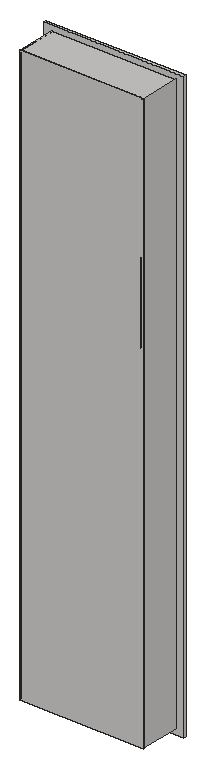
Revit family
Parameters
  Warranty Duration (Years) = 0
  Wall Offset [instance] = 0' - 0 1/4"
  Voltage_MEP = 120 V
  Unit Width = 0' - 11 1/2"
  Unit Height = 4' - 6 1/8"
  Unit Depth = 0' - 6 1/2"
  URL = "http://www.americanspecialties.com/viewCategory.cfm?categoryID=19"
  Specification = "http://www.arcat.com/sdspecs/htm/10811asi.htm"
  SpecWizard = ""
  Sound Pressure = "As Specified in 10 28 00"
  Send Message = "http://www.arcat.com/users.pl?action=UserEmail&company=American%20Specialties,%20Inc.&coid=30448&rep=139&fax=914-476-0688&mf="
  Sales Information = "http://www.americanspecialties.com/contact"
  Revision = "R1_08-2010"
  Product Properties = "http://www.arcat.com/bim/bim_info.pl?fn=AmericanSpecialties"
  Product Data = "http://www.arcat.com/arcatcos/cos30/arc30448.html"
  Motor RPM = 7500
  Motor HP = 0.25
  Model = "As Specified in Section 10 28 00"
  Manufacturer Website = "http://www.americanspecialties.com"
  Manufacturer Phone - Toll Free = ""
  Manufacturer Phone = "914-476-9000 "
  Manufacturer Fax = "914-476-0688"
  Manufacturer Address = "441 Saw Mill River Rd., Yonkers, NY 10701"
  Manufacturer = "American Specialties, Inc."
  Maintenance Schedule (Months) = 0
  MEP Apparent Power = Voltage_MEP * MEP Amperage  # 2196 VA
  MEP Amperage = 18.3 A
  Keynote = "10 28 00"
  Installation-Fabrication = "http://www.americanspecialties.com/products.cfm"
  Installation Phase = ""
  Green Building-LEED = "http://www.arcat.com/green/clients/leed_data_30448.html"
  Expected Lifespan (Years) = 0
  Dry Time = "As Specified in 10 28 00"
  Drawn By = "Robert S. Weygant, CSI, CDT, SCIP"
  Description = "Simplicity Three-in-One Recessed Unit as Specified in Section 10 28 00"
  Cover Material [instance] = ASI - Stainless Steel - 92 Bright
  Copyright = "2010 ARCAT, Inc."
  Construction Details = "http://www.americanspecialties.com/products.cfm"
  Building Code Conformance = "ADA"
  Available LEED Credit = "EA 1; MR 1.1, 1.2, 1.3, 4.1, 4.2, 7.1, 7.2"
  Assembly Code = "C1030210"
  Air Temperature = "149 F"
Reference planes (in)
  plane 1: y = 0
  plane 2 "Center (Left/Right)": x = 0
  plane 3 "Wall Edge": y = 3
  plane 4: y = 3.25
  plane 5 "Frame R": x = -6.5
  plane 6 "Frame L": x = 6.5
  plane 7 "Box R": x = -5.75
  plane 8 "Box L": x = 5.75
  plane 9: z = 60.49703
  plane 10: z = 5.37203
  plane 11: y = -0.6875
Forms (in)
  Extrusion 1, void
    sketch origin (0, 0, 0) x (0, 1, 0) y (0, 0, 1)
      loop
        line (3, 59.99703) -> (-0.6875, 59.99703) -> (-0.6875, 5.87203) -> (3, 5.87203) -> (3, 59.99703)
    from -5.75 to 5.75
Text (in)
  text "Placement Side" at (0, 40.15149, 123.01588), in view "Right"
  text "Placement Side" at (-70.3804, 28.46503, 0), in view "Ref. Level"
  text "Placement Side" at (0, 81.62555, 140.59947), in view "Left"
Dimensions and locks (in)
  locked: plane 3 "Wall Edge" to host wall
  locked: plane 11 to plane 4 at 3.9375
  "Wall Offset": plane 3 "Wall Edge" to plane 4
  aligned and locked: host wall to Extrusion 1
  aligned and locked: plane 4 to nested 1
  aligned and locked: plane 11 to nested 1
Automatic sketch dimensions
  Extrusion 1 sketch curve to plane 11 = 0' - 0"
  host wall to Extrusion 1 sketch curve = 0' - 0"
  Extrusion 1 sketch curve to plane 10 = 0' - 0 1/2"
  plane 9 to Extrusion 1 sketch curve = 0' - 0 1/2"
Nested families (in)
  nested 1: "Simplicity-Three-in-One" at (0, 3, 32.93453) x (-1, 0, 0) z (0, 1, 0), Cover Material <- "Cover Material", type "Simplicity-Three-in-One"
    with Cover Material ASI - Stainless Steel - 92 Bright
Connectors (in)
  electrical at (0, -13.17996, 21.26907), driven by "Voltage_MEP", driven by "MEP Apparent Power"
    settings: on nested 1, index 1
Definition of nested family "Simplicity-Three-in-One"
  Parameters (values of type "Simplicity-Three-in-One")
    Default Elevation = 4' - 0"
    Cover Material [instance] = none
    Assembly Code = ""
  Reference planes (in)
    plane 1 "Center (Front/Back)": y = 0
    plane 2: z = 0
    plane 3 "Center (Left/Right)": x = 0
    plane 4: z = -3.6875
    plane 5: z = -3.625
    plane 6: y = -27.5625
    plane 7: y = 0.8125
    plane 8: y = 11.5625
    plane 9: z = 0.25
  Forms (in)
    Extrusion 1, solid, material <- "Cover Material"
      sketch origin (0, 0, 0) x (1, 0, 0) y (0, 1, 0)
        loop
          line (-6.5, 27.5625) -> (-6.5, -27.5625) -> (6.5, -27.5625) -> (6.5, 27.5625) -> (-6.5, 27.5625)
        loop
          line (-5.20312, 6.4375) -> (5.20313, 6.4375) -> (5.20313, 13.3125) -> (-5.20312, 13.3125) -> (-5.20312, 6.4375)
        loop
          line (-5.20312, -1.6875) -> (-5.20312, -8.5625) -> (5.20313, -8.5625) -> (5.20313, -1.6875) -> (-5.20312, -1.6875)
      from 0 to 0.25
    Extrusion 2, solid, material <- "Cover Material"
      sketch origin (0, 0, 0) x (1, 0, 0) y (0, 1, 0)
        loop
          line (-5.75, 27.0625) -> (-5.75, -27.0625) -> (5.75, -27.0625) -> (5.75, 27.0625) -> (-5.75, 27.0625)
        loop
          line (5.6875, 27) -> (-5.6875, 27) -> (-5.6875, -27) -> (5.6875, -27) -> (5.6875, 27)
      from 0 to -3.625
    Extrusion 3, solid, material <- "Cover Material"
      sketch origin (0, 0, 0) x (1, 0, 0) y (0, 1, 0)
        loop
          line (5.75, 27.0625) -> (-5.75, 27.0625) -> (-5.75, -27.0625) -> (5.75, -27.0625) -> (5.75, 27.0625)
      from -3.6875 to -3.625
    Extrusion 4, solid, material <- "Cover Material", detail levels medium+fine
      sketch origin (0, 0, 0) x (0, 1, 0) y (0, 0, 1)
        loop
          line (6.95844, -2.95442) -> (6.4375, 0) -> (6.18364, 0) -> (6.74867, -3.20442) -> (12.65372, -3.20442) -> (13.57257, 0) -> (13.3125, 0) -> (12.46533, -2.95442) -> (6.95844, -2.95442)
      from -5.20312 to 5.20313
    Extrusion 5, solid, material <- "Cover Material", detail levels medium+fine
      sketch origin (0, 0, 0) x (1, 0, 0) y (0, 1, 0)
        loop
          line (-5.20312, 13.57257) -> (5.20313, 13.57257) -> (5.20313, 6.18364) -> (5.45313, 6.18364) -> (5.45313, 13.82257) -> (-5.45312, 13.82257) -> (-5.45312, 6.18364) -> (-5.20312, 6.18364) -> (-5.20312, 13.57257)
      from -3.625 to 0
    Extrusion 6, void
      sketch origin (0, 0, 0) x (1, 0, 0) y (0, 1, 0)
        loop
          line (-4.82509, 13.0625) -> (-4.82509, 12.8125) -> (4.82509, 12.8125) -> (4.82509, 13.0625) -> (2.32509, 13.0625)
          arc (2.32509, 13.0625) -> (0, 13.19478) -> (-2.32509, 13.0625) r 20.5
          line (-2.32509, 13.0625) -> (-4.82509, 13.0625)
      from -3.41165 to -0.2613
    Extrusion 7, solid, material <- "Cover Material", detail levels medium+fine
      sketch origin (0, 0, 0) x (1, 0, 0) y (0, 1, 0)
        loop
          line (-5.20312, -1.6875) -> (-5.20312, -2.4375) -> (-2.75, -2.4375)
          arc (-2.75, -2.4375) -> (-1.75, -3.4375) -> (-0.75, -2.4375) r 1
          line (-0.75, -2.4375) -> (5.20313, -2.4375) -> (5.20313, -1.6875) -> (-5.20312, -1.6875)
      from -2.5 to -0.75
    Extrusion 8, solid, material <- "Cover Material", detail levels medium+fine
      sketch origin (0, 0, 0) x (1, 0, 0) y (0, 1, 0)
        loop
          line (-5.20312, -1.6875) -> (5.20313, -1.6875) -> (5.20313, -9.2974) -> (5.45313, -9.2974) -> (5.45313, -1.4375) -> (5.20313, -1.4375) -> (-5.45312, -1.4375) -> (-5.45312, -9.2974) -> (-5.20312, -9.2974) -> (-5.20312, -1.6875)
      from -2.5 to 0
    Extrusion 9, solid, material <- "Cover Material", detail levels medium+fine
      sketch origin (0, 0, 0) x (0, 1, 0) y (0, 0, 1)
        loop
          line (-1.4375, -2.5) -> (-9.00332, -2.5) -> (-8.5625, 0) -> (-8.8125, 0) -> (-9.2974, -2.75) -> (-1.4375, -2.75) -> (-1.4375, -2.5)
      from -5.20312 to 5.20313
    Extrusion 10, void
      sketch origin (0, 0, 0) x (0, 1, 0) y (0, 0, 1)
        loop
          line (-8.5625, -1.25) -> (-9.8125, -1.25) -> (-9.8125, -2.25) -> (-8.5625, -2.25) -> (-8.5625, -1.25)
      from -2 to 2
    Extrusion 11, solid, material <- "Cover Material"
      sketch origin (0, 0, 0) x (1, 0, 0) y (0, 1, 0)
        loop
          circle (-4.45276, 19.0411) r 0.25
        loop
          line (-4.51526, 18.9161) -> (-4.39026, 18.9161) -> (-4.39026, 19.1661) -> (-4.51526, 19.1661) -> (-4.51526, 18.9161)
      from 0.25 to 0.375
    Extrusion 12, solid, material <- "Cover Material"
      sketch origin (0, -38.75, 0) x (1, 0, 0) y (0, 1, 0)
        loop
          circle (-4.45276, 19.0411) r 0.25
        loop
          line (-4.51526, 18.9161) -> (-4.39026, 18.9161) -> (-4.39026, 19.1661) -> (-4.51526, 19.1661) -> (-4.51526, 18.9161)
      from 0.25 to 0.375
  Cuts and joins
    Extrusion 6 cuts Extrusion 1
    Extrusion 6, Extrusion 10 cuts Extrusion 2
    Extrusion 6 cuts Extrusion 4
    Extrusion 6 cuts Extrusion 5
    Extrusion 10 cuts Extrusion 8
    Extrusion 10 cuts Extrusion 9
  Lines and regions (in)
    symbolic lines, style "GenericModelHiddenLines"
      curve 1: line (-6.5, 27.5625, 0) -> (6.5, 0, 0)
      curve 2: line (6.5, 0, 0) -> (-6.5, -27.5625, 0)
      curve 3: line (6.5, 0, 0.25) -> (6.5, 0, 13.25)
      curve 4: arc (6.5, 0, 13.25) -> (-2.69239, 0, 9.44239) -> (-6.5, 0, 0.25) r 13
  Dimensions and locks (in)
    level to plane 4 = 0' - 3 11/16"
    plane 8 to plane 6 = 3' - 3 1/8"
